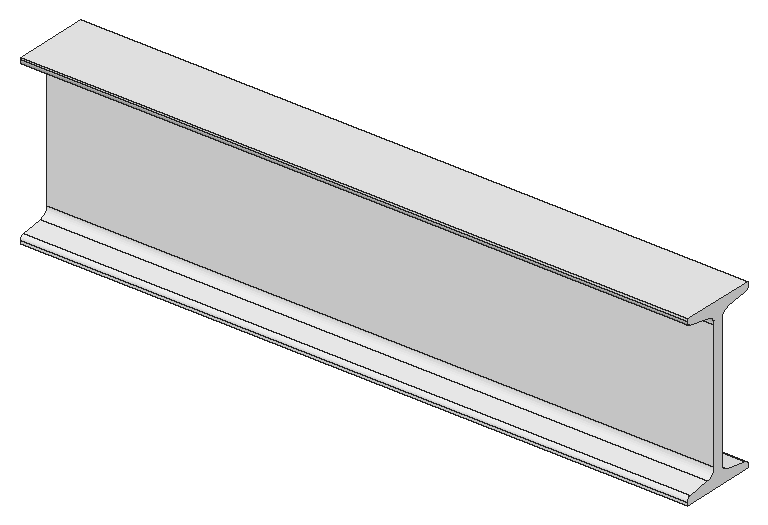
Revit family "M_S Formas", category Quadro estrutural, Revit 2019
Family settings
  Arredondamento do comprimento do framing estrutural = 0.10 mm
  Forma do corte = Forma I do flange inclinado
  Material para o comportamento do modelo = Aço
  Exportar sempre como geometria = Não
  Family Name Key = M_S Shapes
  Nome do código = AISC 14.1
  Número OmniClass = 23.25.30.11.14.14
  Título OmniClass = Beams
  ID de item do Seek = S-Shapes-0000-CAN-ENU
  Sempre na vertical = Sim
  Corte com vazios quando carregada = Não
  Representação simbólica = Das configurações de projeto
  Compartilhado = Não
  Exibir o pré-corte da família na vista da planta = Sim
Parameters (values of type "S310X74")
  Largura = 139.00 mm
  Espessura da teia = 17.4000 mm
  Concordância da teia = 16.7000 mm
  Constante da empena = 135000000000.0 mm6
  Momento de inércia de torção = 1150000.00 mm4
  Structural Material [instance] = Aço, 45-345
  Ângulo inclinado da flange = 9.46234°
  Chave do nome do corte = ""
  Section Area = 9480.0 mm²
  Plastic Modulus weak axis = 169000.0 mm³
  Plastic Modulus strong axis = 998000.0 mm³
  Nominal Weight = 725.69 N/m
  Moment of Inertia weak axis = 649 cm⁴
  Moment of Inertia strong axis = 12600 cm⁴
  Height = 305.00 mm
  Flange Thickness Location = 30.4 mm
  Flange Thickness = 16.7 mm
  Flange Fillet = 8.35 mm
  Elastic Modulus weak axis = 93200.0 mm³
  Elastic Modulus strong axis = 829000.0 mm³
  Centroid Vertical = Height / 2  # 152.5 mm
  Centroid Horizontal = Largura / 2  # 69.5 mm
  Bolt Spacing = 76.2 mm
  Assembly Code = ""
  Length [instance] = 1500.00 mm
Reference planes
  plane 1 "Centro (Frente/Trás)": y = 0
  plane 2: z = 0
  plane 3 "Centro (Esquerda/Direita)": x = 4.61
  plane 4 "Membro esquerdo": x = -604.99
  plane 5 "Membro direito": x = 614.21
  plane 6: y = 69.5
  plane 7: y = -69.5
  plane 8 "Superior": z = 152.5
  plane 9: z = -152.5
  plane 10 "Direita": x = 766.61
  plane 11 "Esquerda": x = -733.39
Forms (mm)
  Sweep 1, solid, material "Aço, 45-345" <- "Structural Material", detail levels medium
    path origin (0, 0, 0) x (1, 0, 0) y (0, 1, 0)
      loop
        line (-604.99, 0) -> (614.21, 0)
    profile "S-Formas-Perfil-Médio : S-Formas-Perfil-Médio" origin (4.61, 0, 0) x (0, 1, 0) y (0, 0, 1)
      loop
        line (69.5, 140.867) -> (69.5, 152.5) -> (-69.5, 152.5) -> (-69.5, 140.867) -> (-39.1, 135.8) -> (-8.7, 130.733) -> (-8.7, -130.733) -> (-39.1, -135.8) -> (-69.5, -140.867) -> (-69.5, -152.5) -> (69.5, -152.5) -> (69.5, -140.867) -> (39.1, -135.8) -> (8.7, -130.733) -> (8.7, 130.733) -> (39.1, 135.8) -> (69.5, 140.867)
  Sweep 2, solid, material "Aço, 45-345" <- "Structural Material", detail levels fine
    path origin (0, 0, 0) x (1, 0, 0) y (0, 1, 0)
      loop
        line (-604.99, 0) -> (614.21, 0)
    profile "S-Formas-Perfil-Fino : S-Formas-Perfil-Fino" origin (4.61, 0, 0) x (0, 1, 0) y (0, 0, 1)
      loop
        line (69.5, 147.94) -> (69.5, 152.5) -> (-69.5, 152.5) -> (-69.5, 147.94)
        arc (-69.5, 147.94) -> (-67.521, 142.543) -> (-62.523, 139.704) r 8.35
        line (-62.523, 139.704) -> (-39.1, 135.8) -> (-22.655, 133.059)
        arc (-22.655, 133.059) -> (-12.658, 127.381) -> (-8.7, 116.586) r 16.7
        line (-8.7, 116.586) -> (-8.7, -116.586)
        arc (-8.7, -116.586) -> (-12.658, -127.381) -> (-22.655, -133.059) r 16.7
        line (-22.655, -133.059) -> (-39.1, -135.8) -> (-62.523, -139.704)
        arc (-62.523, -139.704) -> (-67.521, -142.543) -> (-69.5, -147.94) r 8.35
        line (-69.5, -147.94) -> (-69.5, -152.5) -> (69.5, -152.5) -> (69.5, -147.94)
        arc (69.5, -147.94) -> (67.521, -142.543) -> (62.523, -139.704) r 8.35
        line (62.523, -139.704) -> (39.1, -135.8) -> (22.655, -133.059)
        arc (22.655, -133.059) -> (12.658, -127.381) -> (8.7, -116.586) r 16.7
        line (8.7, -116.586) -> (8.7, 116.586)
        arc (8.7, 116.586) -> (12.658, 127.381) -> (22.655, 133.059) r 16.7
        line (22.655, 133.059) -> (39.1, 135.8) -> (62.523, 139.704)
        arc (62.523, 139.704) -> (67.521, 142.543) -> (69.5, 147.94) r 8.35
Lines and regions (mm)
  symbolic lines, style "HiddenStructuralFramingLines", detail levels medium+fine
    curve 1: line (-604.99, 8.7, 0) -> (614.21, 8.7, 0)
    curve 2: line (614.21, -8.7, 0) -> (-604.99, -8.7, 0)
  symbolic lines, style "Símbolos de vara", detail levels coarse
    curve 3: line (-733.39, -69.5, 152.5) -> (-733.39, 69.5, 152.5)
    curve 4: line (-733.39, 69.5, -152.5) -> (-733.39, -69.5, -152.5)
    curve 5: line (-733.39, 0, 152.5) -> (-733.39, 0, -152.5)
Dimensions and locks
  "Largura": plane 6 to plane 7
  "Height": plane 9 to plane 8 "Superior"
  equal spacing: plane 9, plane 2, plane 8 "Superior"
  equal spacing: plane 6, plane 1 "Centro (Frente/Trás)", plane 7
  "Length": plane 11 "Esquerda" to plane 10 "Direita"
  aligned and locked: plane 1 "Centro (Frente/Trás)" to Sweep 1 sketch curve
  aligned and locked: plane 1 "Centro (Frente/Trás)" to Sweep 2 sketch curve
  aligned and locked: curve 1 to Sweep 1
  aligned and locked: curve 2 to Sweep 1
  aligned and locked: curve 5 to plane 1 "Centro (Frente/Trás)"
  aligned and locked: plane 9 to Sweep 2
  aligned and locked: Sweep 2 to plane 8 "Superior"
  aligned and locked: plane 4 "Membro esquerdo" to Sweep 1 sketch curve
  aligned and locked: plane 5 "Membro direito" to Sweep 1 sketch curve
  aligned and locked: plane 4 "Membro esquerdo" to Sweep 2 sketch curve
  aligned and locked: plane 5 "Membro direito" to Sweep 2 sketch curve
  aligned and locked: plane 4 "Membro esquerdo" to curve 1
  aligned and locked: plane 5 "Membro direito" to curve 1
  aligned and locked: plane 4 "Membro esquerdo" to curve 2
  aligned and locked: plane 5 "Membro direito" to curve 2
  aligned and locked: curve 3 to plane 8 "Superior"
  aligned and locked: plane 6 to curve 3
  aligned and locked: plane 7 to curve 3
  aligned and locked: plane 9 to curve 4
  aligned and locked: plane 6 to curve 4
  aligned and locked: plane 7 to curve 4
Types in the file's own list only (27): name | Largura | Espessura da teia | Concordância da teia | Constante da empena | Momento de inércia de torção | Ângulo inclinado da flange | Chave do nome do corte | Área de corte | Eixo fraco do módulo plástico | Eixo forte do módulo plástico | Peso nominal | Eixo fraco do momento de inércia | Eixo forte do momento de inércia | Altura | Localização da espessura do flange | Espessura do flange | Concordância do flange | Eixo fraco do módulo de elasticidade | Eixo forte do módulo de elasticidade | Centróide vertical | Centróide horizontal | Espaçamento do parafuso
  S610X180 | 204.0000 mm | 20.3000 mm | 27.7000 mm | 3060000000000.0 mm6 | 5330000.00 mm4 | 9.46° | "S24X121" | 22900.0 mm² | 595000.0 mm³ | 5010000.0 mm³ | 180.00 kgf/m | 34500000.00 mm4 | 1320000000.00 mm4 | 622.0000 mm | 45.9250 mm | 27.7000 mm | 13.8500 mm | 338000.0 mm³ | 4230000.0 mm³ | 311.0000 mm | 102.0000 mm | 101.6 mm
  S610X158 | 200.0000 mm | 15.7000 mm | 27.7000 mm | 2820000000000.0 mm6 | 4200000.00 mm4 | 9.46° | "S24X106" | 20100.0 mm² | 547000.0 mm³ | 4570000.0 mm³ | 158.00 kgf/m | 32000000.00 mm4 | 1220000000.00 mm4 | 622.0000 mm | 46.0750 mm | 27.7000 mm | 13.8500 mm | 320000.0 mm³ | 3930000.0 mm³ | 311.0000 mm | 100.0000 mm | 101.6 mm
  S610X149 | 184.0000 mm | 18.9000 mm | 22.1000 mm | 1710000000000.0 mm6 | 3160000.00 mm4 | 9.46° | "S24X100" | 18900.0 mm² | 393000.0 mm³ | 3920000.0 mm³ | 149.00 kgf/m | 19700000.00 mm4 | 991000000.00 mm4 | 610.0000 mm | 41.2750 mm | 22.1000 mm | 11.0500 mm | 215000.0 mm³ | 3260000.0 mm³ | 305.0000 mm | 92.0000 mm | 101.6 mm
  S610X134 | 181.0000 mm | 15.9000 mm | 22.1000 mm | 1610000000000.0 mm6 | 2520000.00 mm4 | 9.46° | "S24X90" | 17100.0 mm² | 367000.0 mm³ | 3640000.0 mm³ | 134.00 kgf/m | 18600000.00 mm4 | 937000000.00 mm4 | 610.0000 mm | 41.2750 mm | 22.1000 mm | 11.0500 mm | 205000.0 mm³ | 3060000.0 mm³ | 305.0000 mm | 90.5000 mm | 101.6 mm
  S610X119 | 178.0000 mm | 12.7000 mm | 22.1000 mm | 1510000000000.0 mm6 | 2040000.00 mm4 | 9.46° | "S24X80" | 15200.0 mm² | 341000.0 mm³ | 3340000.0 mm³ | 119.00 kgf/m | 17500000.00 mm4 | 874000000.00 mm4 | 610.0000 mm | 41.3250 mm | 22.1000 mm | 11.0500 mm | 197000.0 mm³ | 2870000.0 mm³ | 305.0000 mm | 89.0000 mm | 101.6 mm
  S510X143 | 183.0000 mm | 20.3000 mm | 23.4000 mm | 1260000000000.0 mm6 | 3500000.00 mm4 | 9.46° | "S20X96" | 18200.0 mm² | 408000.0 mm³ | 3240000.0 mm³ | 143.00 kgf/m | 20800000.00 mm4 | 695000000.00 mm4 | 516.0000 mm | 40.6750 mm | 23.4000 mm | 11.7000 mm | 228000.0 mm³ | 2700000.0 mm³ | 258.0000 mm | 91.5000 mm | 101.6 mm
  S510X128 | 179.0000 mm | 16.8000 mm | 23.4000 mm | 1170000000000.0 mm6 | 2770000.00 mm4 | 9.46° | "S20X86" | 16300.0 mm² | 379000.0 mm³ | 3000000.0 mm³ | 128.00 kgf/m | 19400000.00 mm4 | 653000000.00 mm4 | 516.0000 mm | 40.5500 mm | 23.4000 mm | 11.7000 mm | 216000.0 mm³ | 2540000.0 mm³ | 258.0000 mm | 89.5000 mm | 101.6 mm
  S510X112 | 162.0000 mm | 16.1000 mm | 20.2000 mm | 730000000000.0 mm6 | 1910000.00 mm4 | 9.46° | "S20X75" | 14200.0 mm² | 274000.0 mm³ | 2490000.0 mm³ | 112.00 kgf/m | 12300000.00 mm4 | 533000000.00 mm4 | 508.0000 mm | 36.4750 mm | 20.2000 mm | 10.1000 mm | 152000.0 mm³ | 2100000.0 mm³ | 254.0000 mm | 81.0000 mm | 88.9 mm
  S510X98.2 | 159.0000 mm | 12.8000 mm | 20.2000 mm | 679000000000.0 mm6 | 1490000.00 mm4 | 9.46° | "S20X66" | 12500.0 mm² | 252000.0 mm³ | 2280000.0 mm³ | 98.20 kgf/m | 11400000.00 mm4 | 495000000.00 mm4 | 508.0000 mm | 36.5500 mm | 20.2000 mm | 10.1000 mm | 144000.0 mm³ | 1950000.0 mm³ | 254.0000 mm | 79.5000 mm | 88.9 mm
  S460X104 | 159.0000 mm | 18.1000 mm | 17.6000 mm | 483000000000.0 mm6 | 1710000.00 mm4 | 9.46° | "S18X70" | 13200.0 mm² | 234000.0 mm³ | 2030000.0 mm³ | 104.00 kgf/m | 9990000.00 mm4 | 384000000.00 mm4 | 457.0000 mm | 35.2250 mm | 17.6000 mm | 8.8000 mm | 126000.0 mm³ | 1690000.0 mm³ | 228.5000 mm | 79.5000 mm | 88.9 mm
  S460X81.4 | 152.0000 mm | 11.7000 mm | 17.6000 mm | 416000000000.0 mm6 | 970000.00 mm4 | 9.46° | "S18X54.7" | 10300.0 mm² | 198000.0 mm³ | 1700000.0 mm³ | 81.40 kgf/m | 8620000.00 mm4 | 333000000.00 mm4 | 457.0000 mm | 35.0750 mm | 17.6000 mm | 8.8000 mm | 113000.0 mm³ | 1460000.0 mm³ | 228.5000 mm | 76.0000 mm | 88.9 mm
  S380X74 | 143.0000 mm | 14.0000 mm | 15.8000 mm | 216000000000.0 mm6 | 882000.00 mm4 | 9.46° | "S15X50" | 9480.0 mm² | 164000.0 mm³ | 1260000.0 mm³ | 74.00 kgf/m | 6490000.00 mm4 | 202000000.00 mm4 | 381.0000 mm | 32.2500 mm | 15.8000 mm | 7.9000 mm | 90600.0 mm³ | 1060000.0 mm³ | 190.5000 mm | 71.5000 mm | 88.9 mm
  S380X64 | 140.0000 mm | 10.4000 mm | 15.8000 mm | 198000000000.0 mm6 | 641000.00 mm4 | 9.46° | "S15X42.9" | 8130.0 mm² | 149000.0 mm³ | 1130000.0 mm³ | 64.00 kgf/m | 5950000.00 mm4 | 186000000.00 mm4 | 381.0000 mm | 32.4000 mm | 15.8000 mm | 7.9000 mm | 85000.0 mm³ | 973000.0 mm³ | 190.5000 mm | 70.0000 mm | 88.9 mm
  S310X60.7 | 133.0000 mm | 11.7000 mm | 16.7000 mm | 116000000000.0 mm6 | 703000.00 mm4 | 9.46° | "S12X40.8" | 7680.0 mm² | 145000.0 mm³ | 864000.0 mm³ | 60.70 kgf/m | 5620000.00 mm4 | 112000000.00 mm4 | 305.0000 mm | 30.3250 mm | 16.7000 mm | 8.3500 mm | 84100.0 mm³ | 739000.0 mm³ | 152.5000 mm | 66.5000 mm | 76.2 mm
  S310X52 | 129.0000 mm | 10.9000 mm | 13.8000 mm | 86700000000.0 mm6 | 437000.00 mm4 | 9.46° | "S12X35" | 6580.0 mm² | 111000.0 mm³ | 731000.0 mm³ | 52.00 kgf/m | 4100000.00 mm4 | 94900000.00 mm4 | 305.0000 mm | 29.5250 mm | 13.8000 mm | 6.9000 mm | 63600.0 mm³ | 624000.0 mm³ | 152.5000 mm | 64.5000 mm | 76.2 mm
  S310X47.3 | 127.0000 mm | 8.8900 mm | 13.8000 mm | 82200000000.0 mm6 | 365000.00 mm4 | 9.46° | "S12X31.8" | 6010.0 mm² | 106000.0 mm³ | 685000.0 mm³ | 47.30 kgf/m | 3880000.00 mm4 | 90300000.00 mm4 | 305.0000 mm | 29.5275 mm | 13.8000 mm | 6.9000 mm | 61100.0 mm³ | 593000.0 mm³ | 152.5000 mm | 63.5000 mm | 76.2 mm
  S250X52 | 125.0000 mm | 15.1000 mm | 12.5000 mm | 50500000000.0 mm6 | 537000.00 mm4 | 9.46° | "S10X35" | 6650.0 mm² | 101000.0 mm³ | 580000.0 mm³ | 52.00 kgf/m | 3450000.00 mm4 | 61200000.00 mm4 | 254.0000 mm | 27.4750 mm | 12.5000 mm | 6.2500 mm | 55100.0 mm³ | 482000.0 mm³ | 127.0000 mm | 62.5000 mm | 69.9 mm
  S250X37.8 | 118.0000 mm | 7.9000 mm | 12.5000 mm | 40800000000.0 mm6 | 251000.00 mm4 | 9.46° | "S10X25.4" | 4810.0 mm² | 81800.0 mm³ | 464000.0 mm³ | 37.80 kgf/m | 2800000.00 mm4 | 51200000.00 mm4 | 254.0000 mm | 27.5250 mm | 12.5000 mm | 6.2500 mm | 47400.0 mm³ | 403000.0 mm³ | 127.0000 mm | 59.0000 mm | 69.9 mm
  S200X34 | 106.0000 mm | 11.2000 mm | 10.8000 mm | 16400000000.0 mm6 | 229000.00 mm4 | 9.46° | "S8X23" | 4360.0 mm² | 60100.0 mm³ | 315000.0 mm³ | 34.00 kgf/m | 1780000.00 mm4 | 26900000.00 mm4 | 203.0000 mm | 23.7000 mm | 10.8000 mm | 5.4000 mm | 33600.0 mm³ | 265000.0 mm³ | 101.5000 mm | 53.0000 mm | 57.2 mm
  S200X27.4 | 102.0000 mm | 6.8800 mm | 10.8000 mm | 14200000000.0 mm6 | 139000.00 mm4 | 9.46° | "S8X18.4" | 3480.0 mm² | 52100.0 mm³ | 270000.0 mm³ | 27.40 kgf/m | 1540000.00 mm4 | 23900000.00 mm4 | 203.0000 mm | 23.7800 mm | 10.8000 mm | 5.4000 mm | 30200.0 mm³ | 236000.0 mm³ | 101.5000 mm | 51.0000 mm | 57.2 mm
  S150X25.7 | 90.7000 mm | 11.8000 mm | 9.1200 mm | 4890000000.0 mm6 | 154000.00 mm4 | 9.46° | "S6X17.25" | 3260.0 mm² | 38500.0 mm³ | 172000.0 mm³ | 25.70 kgf/m | 953000.00 mm4 | 10900000.00 mm4 | 152.0000 mm | 19.7250 mm | 9.1200 mm | 4.5600 mm | 21000.0 mm³ | 143000.0 mm³ | 76.0000 mm | 45.3500 mm | 0.0 mm
  S150X18.6 | 84.6000 mm | 5.8900 mm | 9.1200 mm | 3840000000.0 mm6 | 69500.00 mm4 | 9.46° | "S6X12.5" | 2360.0 mm² | 30500.0 mm³ | 138000.0 mm³ | 18.60 kgf/m | 749000.00 mm4 | 9160000.00 mm4 | 152.0000 mm | 19.6775 mm | 9.1200 mm | 4.5600 mm | 17700.0 mm³ | 120000.0 mm³ | 76.0000 mm | 42.3000 mm | 0.0 mm
  S130X15 | 76.2000 mm | 5.4400 mm | 8.2800 mm | 1750000000.0 mm6 | 47500.00 mm4 | 9.46° | "S5X10" | 1890.0 mm² | 22500.0 mm³ | 92800.0 mm³ | 15.00 kgf/m | 495000.00 mm4 | 5120000.00 mm4 | 127.0000 mm | 17.6900 mm | 8.2800 mm | 4.1400 mm | 13000.0 mm³ | 80300.0 mm³ | 63.5000 mm | 38.1000 mm | 0.0 mm
  S100X14.1 | 71.1000 mm | 8.2800 mm | 7.4400 mm | 819000000.0 mm6 | 49900.00 mm4 | 9.46° | "S4X9.5" | 1800.0 mm² | 18500.0 mm³ | 66200.0 mm³ | 14.10 kgf/m | 369000.00 mm4 | 2810000.00 mm4 | 102.0000 mm | 15.7050 mm | 7.4400 mm | 3.7200 mm | 10400.0 mm³ | 55400.0 mm³ | 51.0000 mm | 35.5500 mm | 0.0 mm
  S100X11.5 | 67.6000 mm | 4.9000 mm | 7.4400 mm | 690000000.0 mm6 | 30500.00 mm4 | 9.46° | "S4X7.7" | 1460.0 mm² | 15900.0 mm³ | 57400.0 mm³ | 11.50 kgf/m | 311000.00 mm4 | 2520000.00 mm4 | 102.0000 mm | 15.6750 mm | 7.4400 mm | 3.7200 mm | 9210.0 mm³ | 49700.0 mm³ | 51.0000 mm | 33.8000 mm | 0.0 mm
  S75X11.2 | 63.8000 mm | 8.8600 mm | 6.6000 mm | 290000000.0 mm6 | 37300.00 mm4 | 9.46° | "S3X7.5" | 1420.0 mm² | 13500.0 mm³ | 38500.0 mm³ | 11.20 kgf/m | 241000.00 mm4 | 1210000.00 mm4 | 76.2000 mm | 13.7350 mm | 6.6000 mm | 3.3000 mm | 7550.0 mm³ | 31800.0 mm³ | 38.1000 mm | 31.9000 mm | 0.0 mm
  S75X8.5 | 59.2000 mm | 4.3200 mm | 6.6000 mm | 225000000.0 mm6 | 18000.00 mm4 | 9.46° | "S3X5.7" | 1070.0 mm² | 10700.0 mm³ | 31800.0 mm³ | 8.50 kgf/m | 186000.00 mm4 | 1040000.00 mm4 | 76.2000 mm | 13.7200 mm | 6.6000 mm | 3.3000 mm | 6280.0 mm³ | 27400.0 mm³ | 38.1000 mm | 29.6000 mm | 0.0 mm
